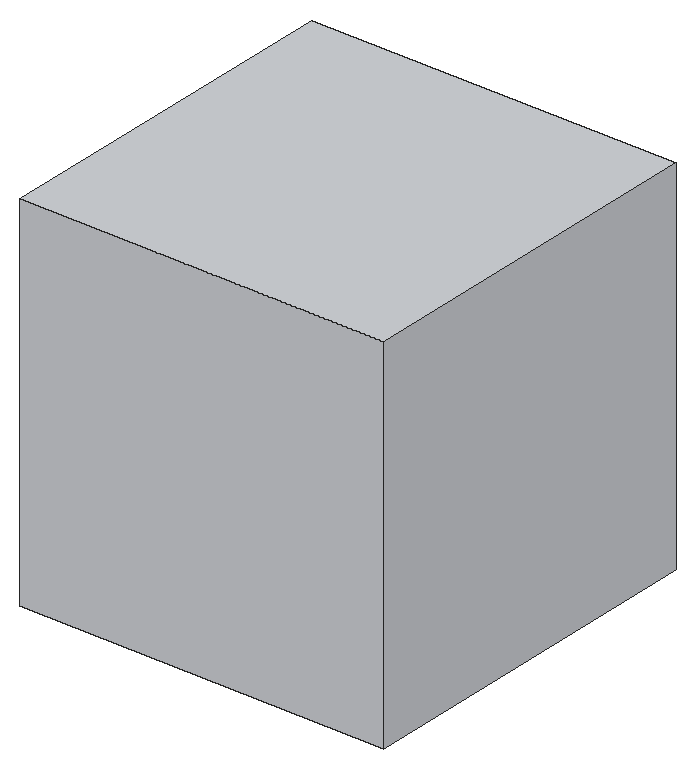
Revit family "盤_機械設備", category Mechanical Equipment, host Face, Revit 2023
Family settings
  Host = Face
  Round Connector Dimension = Use Diameter
  Classification = None
  Part Type = Normal
  Cut with Voids When Loaded = No
  Maintain Annotation Orientation = No
  Shared = No
  Room Calculation Point = No
Parameters
  長さ3 [instance] = 400 mm
  長さ2 [instance] = 400 mm
  長さ1 [instance] = 400 mm
  構造マテリアル [instance] = none
  Default Elevation = 1219.2 mm
Reference planes
  plane 1 "中心(正面/背面)": y = 0
  plane 2: z = 0
  plane 3 "中心(左/右)": x = 0
Forms (mm)
  Extrusion 1, solid, material <- "構造マテリアル"
    sketch origin (0, 0, 0) x (1, 0, 0) y (0, 1, 0)
      loop
        line (-200, 200) -> (-200, -200) -> (200, -200) -> (200, 200) -> (-200, 200)
    from 0 to 400
Lines and regions (mm)
  reference lines
    curve 1: line (-200, -200, 0) -> (-200, 200, 0)
    curve 2: line (200, 200, 0) -> (200, -200, 0)
    curve 3: line (200, -200, 0) -> (-200, -200, 0)
    curve 4: line (-200, 200, 0) -> (200, 200, 0)
    curve 5: line (-480, 0, 0) -> (520, 0, 0)
    curve 6: line (-200, 0, 400) -> (200, 0, 400)
Dimensions and locks
  equal spacing: curve 4, plane 1 "中心(正面/背面)", curve 3
  equal spacing: curve 1, plane 3 "中心(左/右)", curve 2
  "長さ2": curve 4 to curve 3
  "長さ1": curve 1 to curve 2
  "長さ3": curve 6 to curve 5
  equal spacing: curve 6, plane 3 "中心(左/右)", curve 6
  equal spacing: curve 3, plane 3 "中心(左/右)", curve 3
  "長さ1": curve 6 to curve 6
  "長さ1": curve 3 to curve 3
  aligned and locked: plane 2 to host face
  aligned and locked: level to host face
  aligned and locked: Extrusion 1 to curve 1  (x3)
  aligned and locked: Extrusion 1 to curve 2
  aligned and locked: Extrusion 1 to curve 6
Automatic sketch dimensions
  host sketch curve to host sketch curve = 2438.4 mm  (x2)
  Extrusion 1 sketch curve to plane 3 "中心(左/右)" = 200 mm
  plane 3 "中心(左/右)" to Extrusion 1 sketch curve = 200 mm
  plane 1 "中心(正面/背面)" to Extrusion 1 sketch curve = 200 mm
  Extrusion 1 sketch curve to plane 1 "中心(正面/背面)" = 200 mm
  curve 5 to level = 0 mm
  curve 5 to plane 3 "中心(左/右)" = 480 mm
  curve 6 to curve 5 = 320 mm
